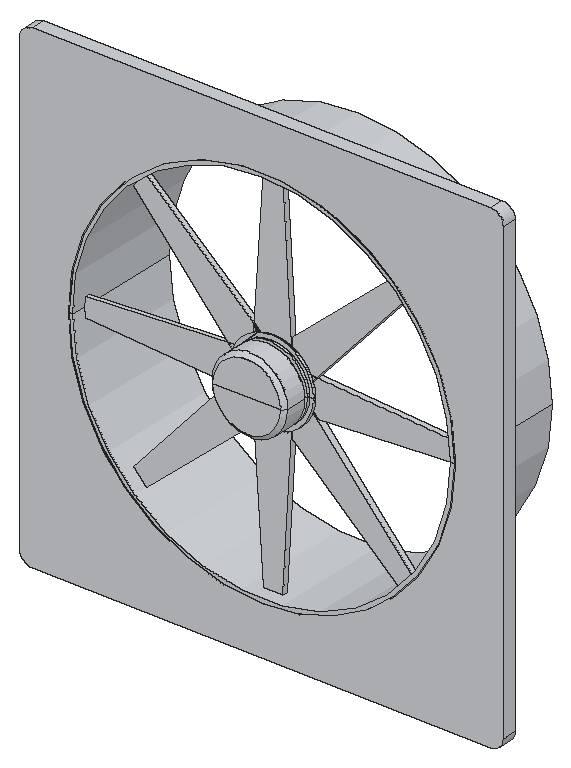
Revit family "CADS_Vent-Axia_MechEquip_Fan_VSP_SabreSicklePlate_1Ph6P - EXTRACT", category Mechanical Equipment, Revit 2020
Family settings
  Round Connector Dimension = Use Diameter
  Part Type = Normal
  OmniClass Number = 23.75.00.00
  OmniClass Title = Climate Control (HVAC)
  Work Plane-Based = No
  Always vertical = Yes
  Cut with Voids When Loaded = No
  Shared = No
  Room Calculation Point = No
Parameters (values of type "VSP45016B")
  WorkingPressure = 0.0 Pa
  WarrantyStartDate [instance] = "1900-12-31T23:59:59"
  WarrantyPeriod = ""
  WarrantyIdentifier = "N/A"
  WarrantyGuarantorParts = "tech@vent-axia.com"
  WarrantyGuarantorLabor = "tech@vent-axia.com"
  WarrantyGuarantor = "Vent-Axia Limited"
  WarrantyEndDate [instance] = "1900-12-31T23:59:59"
  WarrantyContent = ""
  TemperatureRange = ""
  TagNumber [instance] = "N/A"
  SustainabilityPerformance = ""
  Status = "New"
  Size = ""
  Shape = ""
  ServiceLifeType = ""
  ServiceLifeDuration = ""
  SerialNumber [instance] = "N/A"
  ReplacementCost = ""
  RatedVoltage = 0 V
  RatedCurrent = 0 A
  Quantity = 1
  ProductionYear = ""
  PressureCurve = ""
  PowerFactor = ""
  PointOfContact = ""
  NumberOfPoles = 0
  NominalWidth = 575 mm
  NominalLength = 143.5 mm
  NominalHeight = 450 mm
  NominalFrequencyRange = ""
  NominalDiameter = 450 mm
  ModelReference = "450MM 1PH 6P SICKLE FAN FN045-6EQ.4F.A7P1 169509"
  ModelNumber = "VSP45016B"
  Material = ""
  ManufacturerE-Mail = "tech@vent-axia.com"
  ManufacturerAddress = "Fleming Way\nCrawley \nRH10 9YX"
  IsExtendedWarranty = no
  InsulationStandardClass = ""
  InstallationDate [instance] = "1900-12-31T23:59:59"
  IfcExportType [instance] = ""
  IfcExportAs = "IfcFanType"
  IP_Code = ""
  HasProtectiveEarth = no
  GrossWeight = 0.00 kg
  Grade = ""
  GlobalTradeItemNumber [instance] = "N/A"
  G = 17 mm
  Fitting Type = "Ignore"
  Finish = ""
  Features = ""
  ExteriorInsulation = no
  ExpectedServiceLife = 0
  Exclusions = ""
  E = 34 mm
  DurationUnit = "Year"
  Default Elevation = 0 mm
  Constituents = ""
  ConductorFunction = ""
  Color = ""
  CodePerformance = ""
  Category = ""
  CADS_Usage = 0
  CADS_Index = 0
  AssetType = "FIXED"
  AssetIdentifier [instance] = "N/A"
  AssemblyPlace = "UNKNOWN"
  ArticleNumber [instance] = "N/A"
  AirflowRateRange = 0.0 L/s
  Air Flow [instance] = 0.0 L/s
  AccessibilityPerformance = ""
  A = NominalWidth  # 575 mm
Types (5, lengths in mm): name | NominalWidth | NominalLength | NominalHeight | NominalDiameter | ModelReference | ModelNumber | A
  VSP45016B | 575 | 143.5 | 450 | 450 | "450MM 1PH 6P SICKLE FAN FN045-6EQ.4F.A7P1 169509" | "VSP45016B" | 575
  VSP50016B | 655 | 141.5 | 500 | 500 | "500MM 1PH 6P SICKLE FAN FN045-6EQ.4F.A7P1 169511" | "VSP50016B" | 655
  VSP56016B | 725 | 162.5 | 560 | 560 | "560MM 1PH 6P SICKLE FAN FN056-6EQ.4I.A7P2 169514" | "VSP56016B" | 725
  VSP63016B | 725 | 159.5 | 630 | 630 | "630MM 1PH 6P SICKLE FAN FN063-6EQ.4M.A7P1 169515" | "VSP63016B" | 725
  VSP71016A | 850 | 201.5 | 710 | 710 | "OWLET SICKLE PLATE FAN 710 DIA 1 PH 6 POLE" | "VSP71016A" | 850
Reference planes
  plane 1 "Center (Front/Back)": y = 0
  plane 2: z = 0
  plane 3 "Center (Left/Right)": x = 0
  plane 4: x = -225
  plane 5: x = 225
  plane 6 "F": y = -17
  plane 7 "B": y = 126.5
  plane 8: x = -287.5
  plane 9: x = -230
  plane 10 "top": z = 225
  plane 11: z = -225
  plane 12: x = 287.5
  plane 13: z = 287.5
  plane 14: z = -287.5
Forms (mm)
  Revolve 1, solid
    sketch origin (0, 0, 0) x (1, 0, 0) y (0, 1, 0)
      loop
        line (-230, -17) -> (-225, -17) -> (-225, 126.5) -> (-230, 126.5) -> (-230, -17)
      axis (0, 126.5) -> (0, -17)
    angle from 0 to 360
  Extrusion 2, solid
    sketch origin (0, 0, 0) x (1, 0, 0) y (0, 0, 1)
      loop
        arc (-272.5, 287.5) -> (-283.107, 283.107) -> (-287.5, 272.5) r 15
        line (-287.5, 272.5) -> (-287.5, -272.5)
        arc (-287.5, -272.5) -> (-283.107, -283.107) -> (-272.5, -287.5) r 15
        line (-272.5, -287.5) -> (272.5, -287.5)
        arc (272.5, -287.5) -> (283.107, -283.107) -> (287.5, -272.5) r 15
        line (287.5, -272.5) -> (287.5, 272.5)
        arc (287.5, 272.5) -> (283.107, 283.107) -> (272.5, 287.5) r 15
        line (272.5, 287.5) -> (-272.5, 287.5)
      loop
        circle (0, 0) r 230
    from 0 to 17 <- "G"
Dimensions and locks
  equal spacing: plane 4, plane 3 "Center (Left/Right)", plane 5
  "NominalLength": plane 7 "B" to plane 6 "F"
  "NominalDiameter": plane 4 to plane 5
  locked: plane 9 to plane 4 at 5
  equal spacing: plane 10 "top", level, plane 11
  "NominalDiameter": plane 10 "top" to plane 11
  equal spacing: plane 12, plane 3 "Center (Left/Right)", plane 8
  "A": plane 12 to plane 8
  equal spacing: plane 13, level, plane 14
  "A": plane 13 to plane 14
  "G": plane 6 "F" to plane 1 "Center (Front/Back)"
  aligned and locked: level to plane 2
  aligned and locked: Extrusion 2 sketch curve to Revolve 1  (x2)
Automatic sketch dimensions
  plane 6 "F" to Revolve 1 sketch curve = 0 mm
  Revolve 1 sketch curve to plane 4 = 0 mm
  Revolve 1 sketch curve to plane 3 "Center (Left/Right)" = 0 mm
  plane 1 "Center (Front/Back)" to Revolve 1 sketch curve = 0 mm
  Revolve 1 sketch curve to plane 7 "B" = 0 mm
  plane 6 "F" to Revolve 1 sketch curve = 115 mm
  Revolve 1 sketch curve to plane 9 = 0 mm
  Extrusion 2 sketch curve to plane 8 = 0 mm
  Extrusion 2 sketch curve to plane 13 = 0 mm
  Extrusion 2 sketch curve to plane 14 = 0 mm
  plane 12 to Extrusion 2 sketch curve = 0 mm
  plane 8 to Extrusion 2 sketch curve = 15 mm  (x2)
  plane 12 to Extrusion 2 sketch curve = 15 mm  (x2)
Nested families
  nested 1: "Fan for ESP" at (0, 0, 0), ND <- "NominalDiameter", BE <- "E", type "Fan for ESP"
    with hub 45 mm, ND 450 mm, BoltPCD 36 mm, Bolt Count 6, B_Diam 5 mm, BE 34 mm
  nested 2: "ESC Blade" at (0, 0, 0), type "ESC Blade"
    with a 20.00°, HR 45 mm, HD 90 mm, BT 22.5 mm, BR 180 mm, BH 40 mm, BD 450 mm, BB 45 mm
  nested 3: "ESC Blade" at (0, 0, 0) x (0.7071, 0, -0.7071) z (0.7071, 0, 0.7071), type "ESC Blade"
    with a 20.00°, HR 45 mm, HD 90 mm, BT 22.5 mm, BR 180 mm, BH 40 mm, BD 450 mm, BB 45 mm
  nested 4: "ESC Blade" at (0, 0, 0) x (0, 0, -1) z (1, 0, 0), type "ESC Blade"
    with a 20.00°, HR 45 mm, HD 90 mm, BT 22.5 mm, BR 180 mm, BH 40 mm, BD 450 mm, BB 45 mm
  nested 5: "ESC Blade" at (0, 0, 0) x (-0.7071, 0, -0.7071) z (0.7071, 0, -0.7071), type "ESC Blade"
    with a 20.00°, HR 45 mm, HD 90 mm, BT 22.5 mm, BR 180 mm, BH 40 mm, BD 450 mm, BB 45 mm
  nested 6: "ESC Blade" at (0, 0, 0) x (-1, 0, 0) z (0, 0, -1), type "ESC Blade"
    with a 20.00°, HR 45 mm, HD 90 mm, BT 22.5 mm, BR 180 mm, BH 40 mm, BD 450 mm, BB 45 mm
  nested 7: "ESC Blade" at (0, 0, 0) x (-0.7071, 0, -0.7071) z (-0.7071, 0, 0.7071), type "ESC Blade"
    with a 20.00°, HR 45 mm, HD 90 mm, BT 22.5 mm, BR 180 mm, BH 40 mm, BD 450 mm, BB 45 mm
  nested 8: "ESC Blade" at (0, 0, 0) x (0, 0, -1) z (-1, 0, 0), type "ESC Blade"
    with a 20.00°, HR 45 mm, HD 90 mm, BT 22.5 mm, BR 180 mm, BH 40 mm, BD 450 mm, BB 45 mm
  nested 9: "ESC Blade" at (0, 0, 0) x (0.7071, 0, -0.7071) z (-0.7071, 0, -0.7071), type "ESC Blade"
    with a 20.00°, HR 45 mm, HD 90 mm, BT 22.5 mm, BR 180 mm, BH 40 mm, BD 450 mm, BB 45 mm
Connectors
  hvac at (0, -17, 0), driven by "NominalDiameter", driven by "Air Flow"
    settings: on Revolve 1, index 1, duct flow 0.0 L/s, flow factor 0, pres drop 0.0 Pa, loss coef 0, conn angle 0.00°, conn width 304.8 mm, conn height 304.8 mm, conn diameter 450 mm, duct sys type 2, conn prof type 0, flow config 0, flow direction 1, loss method 0, conn ref index -1, conn util no, is conn primary yes, conn desc ""
  hvac at (0, 126.5, 0), driven by "NominalDiameter", driven by "Air Flow"
    settings: on Revolve 1, index 2, duct flow 0.0 L/s, flow factor 0, pres drop 0.0 Pa, loss coef 0, conn angle 0.00°, conn width 304.8 mm, conn height 304.8 mm, conn diameter 450 mm, duct sys type 3, conn prof type 0, flow config 1, flow direction 2, loss method 0, conn ref index -1, conn util no, is conn primary no, conn desc ""
Definition of nested family "Fan for ESP"
  Parameters (values of type "Fan for ESP")
    hub [instance] = ND / 10  # 25.1 mm
    ND [instance] = 251 mm
    Model = "."
    Default Elevation = 0 mm
    BoltPCD [instance] = hub - (hub * 0.2)  # 20.08 mm
    Bolt Count [instance] = if(hub < 50 mm, 6, 8)  # 6
    B_Diam [instance] = if(hub < 50 mm, 5 mm, 10 mm)  # 5 mm
    BE [instance] = 84 mm
  Reference planes
    plane 1 "Center (Front/Back)": y = 0
    plane 2: z = 0
    plane 3 "Center (Left/Right)": x = 0
    plane 4 "back": y = 20
    plane 5 "boss": y = -89
    plane 6 "B": z = 25.1
    plane 7: x = -30.1
    plane 8: x = -25.1
    plane 9 "hubface": y = -5
    plane 10: x = -20.1
    plane 11: y = -84
  Forms (mm)
    Revolve 1, solid
      sketch origin (0, 0, 0) x (1, 0, 0) y (0, 1, 0)
        loop
          line (0, -5) -> (0, 10.504) -> (-30.1, 10.504) -> (-30.1, -2.597) -> (-25.1, -2.597) -> (-25.1, -5) -> (0, -5)
        axis (0, 10.504) -> (0, -5)
      angle from 0 to 360
    Extrusion 2, solid, not visible
      sketch origin (0, -6.347, -4) x (-1, 0, 0) y (0, 0, 1)
        loop
          circle (0, 84) r 5
      from 0 to 3
    Revolve 3, solid
      sketch origin (0, 0, 0) x (1, 0, 0) y (0, 1, 0)
        loop
          line (-20.1, -5) -> (-25.1, -10) -> (-25.1, -84) -> (-20.1, -89) -> (0, -89) -> (0, -5) -> (-20.1, -5)
        axis (0, -5) -> (0, -89)
      angle from 0 to 360
  Lines and regions (mm)
    symbolic lines
      curve 1: circle (0, -89, 0) r 20.08 normal (0, 1, 0)
    model lines, not visible
      curve 2: line (0, -6.347, 85) -> (0, -6.347, 75)
  Dimensions and locks
    "hub": plane 6 "B" to plane 2
    "hub": nested 3 to plane 3 "Center (Left/Right)"
    "hub": nested 4 to plane 3 "Center (Left/Right)"
    "hub": nested 5 to plane 3 "Center (Left/Right)"
    "hub": plane 3 "Center (Left/Right)" to nested 6
    "hub": plane 3 "Center (Left/Right)" to nested 7
    "hub": plane 3 "Center (Left/Right)" to nested 8
    "hub": plane 3 "Center (Left/Right)" to nested 9
    "hub": plane 8 to plane 3 "Center (Left/Right)"
    plane 7 to plane 8 = 5 mm
    "BE": plane 5 "boss" to plane 9 "hubface"
    locked: plane 11 to plane 5 "boss" at 5
    plane 8 to plane 10 = 5 mm
    locked: plane 9 "hubface" to plane 1 "Center (Front/Back)" at 5
    diameter of Extrusion 2 sketch curve = 10 mm
    "BoltPCD": radius of curve 1
    aligned and locked: level to plane 2
    aligned and locked: plane 6 "B" to nested 1
  Automatic sketch dimensions
    Revolve 1 sketch curve to plane 7 = 0 mm
    Revolve 1 sketch curve to plane 8 = 0 mm
    Revolve 1 sketch curve to plane 3 "Center (Left/Right)" = 0 mm  (x2)
    Revolve 1 sketch curve to plane 9 "hubface" = 0 mm
    plane 1 "Center (Front/Back)" to Revolve 1 sketch curve = 2.597 mm
    plane 4 "back" to Revolve 1 sketch curve = 5 mm
    plane 4 "back" to Revolve 1 sketch curve = 9.496 mm
    Revolve 1 sketch curve to Revolve 1 sketch curve = 54.496 mm
    Revolve 3 sketch curve to plane 8 = 0 mm
    Revolve 3 sketch curve to plane 5 "boss" = 0 mm
    Revolve 3 sketch curve to plane 10 = 0 mm  (x2)
    Revolve 3 sketch curve to plane 9 "hubface" = 0 mm
    Revolve 3 sketch curve to plane 3 "Center (Left/Right)" = 0 mm  (x2)
    Revolve 3 sketch curve to plane 11 = 0 mm
    Revolve 3 sketch curve to plane 9 "hubface" = 5 mm
    plane 4 "back" to Revolve 3 sketch curve = 4.08 mm
    Revolve 3 sketch curve to plane 4 "back" = 3.828 mm
    curve 1 to level = 0 mm
    curve 1 to plane 3 "Center (Left/Right)" = 0 mm
  Nested families
    nested 1: "ESC Blade" at (0, 0, 0), BD <- "ND", HD <- "hub", type "ESC Blade"
      with a 20.00°, HR 25.1 mm, HD 50.2 mm, BT 12.55 mm, BR 100.4 mm, BH 40 mm, BD 251 mm, BB 25.1 mm
    nested 2: "ESC Blade" at (0, 0, 755), BD <- "ND", HD <- "hub", type "ESC Blade", not visible
      with a 20.00°, HR 25.1 mm, HD 50.2 mm, BT 12.55 mm, BR 100.4 mm, BH 40 mm, BD 251 mm, BB 25.1 mm
    nested 3: "ESC Blade" at (0, 0, 0) x (0.7071, 0, -0.7071) z (0.7071, 0, 0.7071), BD <- "ND", HD <- "hub", type "ESC Blade"
      with a 20.00°, HR 25.1 mm, HD 50.2 mm, BT 12.55 mm, BR 100.4 mm, BH 40 mm, BD 251 mm, BB 25.1 mm
    nested 4: "ESC Blade" at (0, 0, 0) x (0, 0, -1) z (1, 0, 0), BD <- "ND", HD <- "hub", type "ESC Blade"
      with a 20.00°, HR 25.1 mm, HD 50.2 mm, BT 12.55 mm, BR 100.4 mm, BH 40 mm, BD 251 mm, BB 25.1 mm
    nested 5: "ESC Blade" at (0, 0, 0) x (-0.7071, 0, -0.7071) z (0.7071, 0, -0.7071), BD <- "ND", HD <- "hub", type "ESC Blade"
      with a 20.00°, HR 25.1 mm, HD 50.2 mm, BT 12.55 mm, BR 100.4 mm, BH 40 mm, BD 251 mm, BB 25.1 mm
    nested 6: "ESC Blade" at (0, 0, 0) x (-1, 0, 0) z (0, 0, -1), BD <- "ND", HD <- "hub", type "ESC Blade"
      with a 20.00°, HR 25.1 mm, HD 50.2 mm, BT 12.55 mm, BR 100.4 mm, BH 40 mm, BD 251 mm, BB 25.1 mm
    nested 7: "ESC Blade" at (0, 0, 0) x (-0.7071, 0, -0.7071) z (-0.7071, 0, 0.7071), BD <- "ND", HD <- "hub", type "ESC Blade"
      with a 20.00°, HR 25.1 mm, HD 50.2 mm, BT 12.55 mm, BR 100.4 mm, BH 40 mm, BD 251 mm, BB 25.1 mm
    nested 8: "ESC Blade" at (0, 0, 0) x (0, 0, -1) z (-1, 0, 0), BD <- "ND", HD <- "hub", type "ESC Blade"
      with a 20.00°, HR 25.1 mm, HD 50.2 mm, BT 12.55 mm, BR 100.4 mm, BH 40 mm, BD 251 mm, BB 25.1 mm
    nested 9: "ESC Blade" at (0, 0, 0) x (0.7071, 0, -0.7071) z (-0.7071, 0, -0.7071), BD <- "ND", HD <- "hub", type "ESC Blade"
      with a 20.00°, HR 25.1 mm, HD 50.2 mm, BT 12.55 mm, BR 100.4 mm, BH 40 mm, BD 251 mm, BB 25.1 mm
  Definition of nested family "ESC Blade"
    Parameters (values of type "ESC Blade")
      a [instance] = 20.00°
      HR [instance] = HD / 2  # 30 mm
      HD [instance] = BD / 5  # 60 mm
      Default Elevation = 1219.2 mm
      BT [instance] = BD / 20  # 15 mm
      BR [instance] = (BD / 2) - HR  # 120 mm
      BH [instance] = 40 mm
      BD [instance] = 300 mm
      BB [instance] = BD / 10  # 30 mm
    Reference planes
      plane 1 "Center (Front/Back)": y = 0
      plane 2: z = 0
      plane 3 "Center (Left/Right)": x = 0
      plane 4 "Blade Bot": z = 30
      plane 5: x = -15
      plane 6: x = 15
      plane 7: x = -7.5
      plane 8: x = 7.5
    Forms (mm)
      Blend 1, solid
        base sketch origin (0, 0, 30) x (-1, 0, 0) y (0, -1, 0)
          loop
            line (15, 0) -> (-15, 0) -> (-15, -6) -> (15, -6) -> (15, 0)
        top sketch origin (0, 0, 30) x (-1, 0, 0) y (0, -1, 0)
          loop
            line (7.5, -6) -> (7.5, 0) -> (-7.5, 0) -> (-7.5, -6) -> (7.5, -6)
        from 0 to 120 <- "BR"
    Dimensions and locks
      "HR": plane 4 "Blade Bot" to level
      equal spacing: plane 8, plane 3 "Center (Left/Right)", plane 7
      "BT": plane 8 to plane 7
      equal spacing: plane 6, plane 3 "Center (Left/Right)", plane 5
      "BB": plane 6 to plane 5
      aligned and locked: level to plane 2
    Automatic sketch dimensions
      plane 1 "Center (Front/Back)" to Blend 1 sketch curve = 0 mm  (x2)
      Blend 1 sketch curve to plane 6 = 0 mm
      Blend 1 sketch curve to plane 5 = 0 mm
      Blend 1 sketch curve to plane 1 "Center (Front/Back)" = 6 mm  (x2)
      Blend 1 sketch curve to plane 8 = 0 mm
      Blend 1 sketch curve to plane 7 = 0 mm
Definition of nested family "ESC Blade"
  Parameters (values of type "ESC Blade")
    a [instance] = 20.00°
    HR [instance] = HD / 2  # 30 mm
    HD [instance] = BD / 5  # 60 mm
    Default Elevation = 1219.2 mm
    BT [instance] = BD / 20  # 15 mm
    BR [instance] = (BD / 2) - HR  # 120 mm
    BH [instance] = 40 mm
    BD [instance] = 300 mm
    BB [instance] = BD / 10  # 30 mm
  Reference planes
    plane 1 "Center (Front/Back)": y = 0
    plane 2: z = 0
    plane 3 "Center (Left/Right)": x = 0
    plane 4 "Blade Bot": z = 30
    plane 5: x = -15
    plane 6: x = 15
    plane 7: x = -7.5
    plane 8: x = 7.5
  Forms (mm)
    Blend 1, solid
      base sketch origin (0, 0, 30) x (-1, 0, 0) y (0, -1, 0)
        loop
          line (15, 0) -> (-15, 0) -> (-15, -6) -> (15, -6) -> (15, 0)
      top sketch origin (0, 0, 30) x (-1, 0, 0) y (0, -1, 0)
        loop
          line (7.5, -6) -> (7.5, 0) -> (-7.5, 0) -> (-7.5, -6) -> (7.5, -6)
      from 0 to 120 <- "BR"
  Dimensions and locks
    "HR": plane 4 "Blade Bot" to level
    equal spacing: plane 8, plane 3 "Center (Left/Right)", plane 7
    "BT": plane 8 to plane 7
    equal spacing: plane 6, plane 3 "Center (Left/Right)", plane 5
    "BB": plane 6 to plane 5
    aligned and locked: level to plane 2
  Automatic sketch dimensions
    plane 1 "Center (Front/Back)" to Blend 1 sketch curve = 0 mm  (x2)
    Blend 1 sketch curve to plane 6 = 0 mm
    Blend 1 sketch curve to plane 5 = 0 mm
    Blend 1 sketch curve to plane 1 "Center (Front/Back)" = 6 mm  (x2)
    Blend 1 sketch curve to plane 8 = 0 mm
    Blend 1 sketch curve to plane 7 = 0 mm
